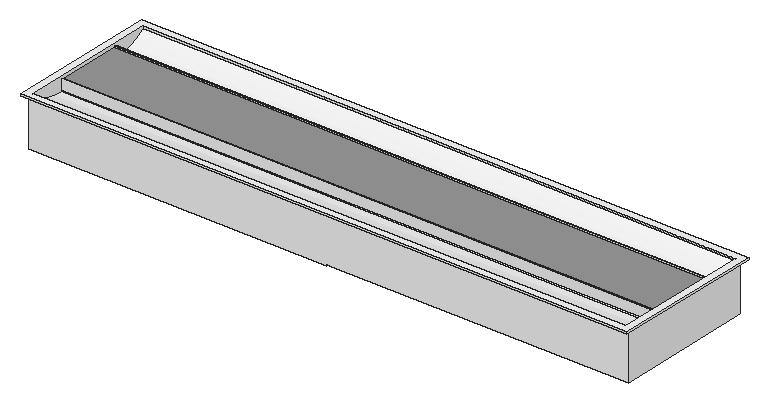
Revit family "2069266 Feilo Sylvania Lighting Fixture OFFICELYTE 1200 HE 4K DALI", category Lighting Fixtures, host Face, Revit 2017
Family settings
  Host = Face
  Round Connector Dimension = Use Diameter
  Part Type = Normal
  OmniClass Number = 23.80.70.11.17
  OmniClass Title = Specialized Lighting by Location or Use
  Cut with Voids When Loaded = No
  Light Source = Yes
  Shared = No
  Room Calculation Point = No
Parameters (values of type "2069266 OFFICELYTE 1200 HE 4K DALI")
  Width = 297.0 mm
  Weight = 5.90 kg
  Wattage = 24 W
  built-in parameter 1150110 = 1 (stored number, unit not read)
  Voltage Comments = "UNV (Universal Voltage; 230-240 Volt)"  # constant formula
  Voltage = 230 V  # constant formula
  URL = "http://www.sylvania-lighting.com"
  built-in parameter 1114217 = 1 (stored number, unit not read)
  Tilt Angle = 90.00°
  built-in parameter 1150109 = 1 (stored number, unit not read)
  built-in parameter 1150134 = 12
  built-in parameter 1150113 = 1 (stored number, unit not read)
  Product Page URL = "http://www.sylvania-lighting.com/product/en-int/products/2069266"
  Product Family = "OFFICELYTE LP LED"  # constant formula
  Photometry Comments = ""
  Photometric Web File = "2069266.ies"
  Life = "50 000 h"  # constant formula
  Length = 1197.0 mm
  LOR = "100 %"
  Keynote = "16500"
  IP Rating = "IP40"  # constant formula
  IK Rating = "IK02"  # constant formula
  Glow Wire Test = 650 °C  # constant formula
  Glare Control = "UGR <19"  # constant formula
  Electrical Protection = "CLASS I"  # constant formula
  Diffuser Material = Acrylic_Sylvania_Officelyte LP LED_Satin_4000K
  Height = 95.0 mm
  built-in parameter 1114216 [instance] = 1 (stored number, unit not read)
  Model = "OFFICELYTE 1200 HE 4K DALI"
  Manufacturer = "Havells-Sylvania Group"  # constant formula
  built-in parameter 1150105 = 1885.7 (stored number, unit not read)
  Lumens = 3432 lm
  built-in parameter 1150115 = 1 (stored number, unit not read)
  built-in parameter 1150137 = (empty or 0)
  built-in parameter 1150139 = (empty or 0)
  built-in parameter 1150112 = 1 (stored number, unit not read)
  built-in parameter 1150114 = 1 (stored number, unit not read)
  Lamp = "LED"
  built-in parameter 1150132 = 2
  built-in parameter 1150102 = (empty or 0)
  built-in parameter 1150107 = 4000 (stored number, unit not read)
  built-in parameter 1150138 = (empty or 0)
  built-in parameter 1150106 = 18.857 (stored number, unit not read)
  Reflector Material = Steel_Sylvania_Officelyte LP LED_White_RAL 9016
  Emit from Rectangle Width = 564.0 mm
  Emit from Rectangle Length = 564.0 mm
  Emit Shape Visible in Rendering = no
  built-in parameter 1150104 = 13.285 (stored number, unit not read)
  Dimming Lamp Color Temperature Shift = <None>
  CRI ( Ra ) = 85
  Body Material = Steel_Sylvania_Officelyte LP LED_White_RAL 9016
  Description = "The Concord OFFICELYTE LP LED HO 4K 600 is a high efficient luminaire for Office, education, meeting rooms. With efficacy of 95lm/W, at 4549lm, CRI of 85 and a very low glare ratio according to EN12464."  # constant formula
  Default Elevation = 0.0 mm
  Color Filter = 16777215
  Catalog Number = "2064456 OFFICELYTE LP LED HE 4K 600"
  built-in parameter 1140040 [instance] = 1
  built-in parameter 1114218 = 1 (stored number, unit not read)
  built-in parameter 1150133 = 10 (stored number, unit not read)
  Assembly Code = "D5020200"
  Apparent Load Comments = ""
  Apparent Load = 24 VA
Reference planes
  plane 1 "Center (Front/Back)": x = 0.711
  plane 2: z = 0
  plane 3 "Center (Left/Right)": y = -70.403
  plane 4 "Fixture Bottom": z = 3
  plane 5 "Fixture Right": y = 78.097
  plane 6 "Profile Right": y = 64.597
  plane 7 "Profile Left": y = -205.403
  plane 8 "Fixture Left": y = -218.903
  plane 9 "Profile Back": x = -578.136
  plane 10 "Fixture Back": x = -591.636
  plane 11 "Fixture Front": x = 599.211
  plane 12: z = -25
  plane 13 "Box Right": y = 66.597
  plane 14 "Box Left": y = -207.403
  plane 15 "Box Back": x = -584.886
  plane 16 "Box Front": x = 587.711
  plane 17: y = -3.903
  plane 18: y = -136.903
  plane 19 "Difuser Right": y = -6.903
  plane 20 "Difuser Left": y = -133.903
  plane 21: z = -2
  plane 22: z = -4
  plane 23 "Profile Front": x = 585.711
  plane 24 "Fixture Top": z = -95
  plane 25 "Box Thickness": z = -93
  plane 26: z = -20
  plane 27: x = -597.789
  plane 28: x = 599.211
Forms (mm)
  Extrusion 1, void
    sketch origin (0, 0, 59) x (-1, 0, 0) y (0, -1, 0)
      loop
        line (-587.711, -66.597) -> (584.886, -66.597) -> (584.886, 207.403) -> (-587.711, 207.403) -> (-587.711, -66.597)
    from -152 to -56
  Extrusion 2, solid, material "Steel_Sylvania_Officelyte LP LED_White_RAL 9016" <- "Reflector Material", detail levels fine
    sketch origin (-294.136, -50.403, 59) x (0, -1, 0) y (1, 0, 0)
      loop
        line (-128.5, -297.5) -> (168.5, -297.5) -> (168.5, 893.347) -> (-128.5, 893.347) -> (-128.5, -297.5)
      loop
        line (155, -284) -> (155, 879.847) -> (-115, 879.847) -> (-115, -284) -> (155, -284)
    from -59 to -56
  Extrusion 3, solid, material "Steel_Sylvania_Officelyte LP LED_White_RAL 9016" <- "Reflector Material", detail levels fine
    sketch origin (0.711, -70.403, 0) x (0, 1, 0) y (0, 0, 1)
      loop
        arc (-65.868, -23.244) -> (-102.251, -17.422) -> (-135, -0.537) r 116.591
        line (-135, -0.537) -> (-135, -2.581)
        arc (-135, -2.581) -> (-102.244, -19.433) -> (-65.868, -25.244) r 116.772
        line (-65.868, -25.244) -> (65.87, -25.244)
        arc (65.87, -25.244) -> (102.245, -19.434) -> (135, -2.581) r 116.769
        line (135, -2.581) -> (135, -0.538)
        arc (135, -0.538) -> (102.252, -17.422) -> (65.87, -23.244) r 116.587
        line (65.87, -23.244) -> (-65.868, -23.244)
    from -578.847 to 585
  Extrusion 4, solid, material "Steel_Sylvania_Officelyte LP LED_White_RAL 9016" <- "Reflector Material", detail levels fine
    sketch origin (-294.136, -70.403, 59) x (0, -1, 0) y (1, 0, 0)
      loop
        line (135, -284) -> (135, 879.847) -> (-135, 879.847) -> (-135, -284) -> (135, -284)
      loop
        line (137, -290.75) -> (137, 886.648) -> (-137, 886.648) -> (-137, -290.75) -> (137, -290.75)
    from -152 to -59
  Extrusion 5, solid, material "Steel_Sylvania_Officelyte LP LED_White_RAL 9016" <- "Reflector Material", detail levels fine
    sketch origin (0, 0, 59) x (-1, 0, 0) y (0, -1, 0)
      loop
        line (578.136, 133.903) -> (578.136, 136.903) -> (-585.711, 136.903) -> (-585.711, 133.903) -> (578.136, 133.903)
      loop
        line (-585.711, 6.903) -> (-585.711, 3.903) -> (578.136, 3.903) -> (578.136, 6.903) -> (-585.711, 6.903)
    from -79 to -59
  Extrusion 6, solid, material "Acrylic_Sylvania_Officelyte LP LED_Satin_4000K" <- "Diffuser Material", detail levels fine
    sketch origin (0, 0, -581) x (-1, 0, 0) y (0, -1, 0)
      loop
        line (578.136, 133.903) -> (-585.711, 133.903) -> (-585.711, 6.903) -> (578.136, 6.903) -> (578.136, 133.903)
    from 577 to 579
  Extrusion 7, solid, material "Steel_Sylvania_Officelyte LP LED_White_RAL 9016" <- "Body Material", detail levels coarse+medium
    sketch origin (-294.136, -70.403, 59) x (0, -1, 0) y (1, 0, 0)
      loop
        line (148.5, -297.5) -> (148.5, 893.347) -> (-148.5, 893.347) -> (-148.5, -297.5) -> (148.5, -297.5)
    from -59 to -56
  Extrusion 8, solid, material "Steel_Sylvania_Officelyte LP LED_White_RAL 9016" <- "Body Material", detail levels coarse+medium
    sketch origin (0, 0, -501) x (-1, 0, 0) y (0, -1, 0)
      loop
        line (584.886, -66.597) -> (584.886, 207.403) -> (-587.711, 207.403) -> (-587.711, -66.597) -> (584.886, -66.597)
    from 406 to 501
  Extrusion 9, solid, material "Steel_Sylvania_Officelyte LP LED_White_RAL 9016" <- "Reflector Material", detail levels fine
    sketch origin (-294.136, -70.403, 59) x (0, -1, 0) y (1, 0, 0)
      loop
        line (-137, -290.75) -> (137, -290.75) -> (137, 294.847) -> (-137, 294.847) -> (-137, -290.75)
    from -154 to -152
Cuts and joins
  joined: Extrusion 2, Extrusion 4, Extrusion 9
  joined: Extrusion 3, Extrusion 5
Lines and regions (mm)
  symbolic lines
    curve 1: line (-591.636, -218.903, 59) -> (-591.636, 78.097, 59)
    curve 2: line (599.211, -218.903, 59) -> (-591.636, -218.903, 59)
    curve 3: line (599.211, 78.097, 59) -> (599.211, -218.903, 59)
    curve 4: line (-591.636, 78.097, 59) -> (599.211, 78.097, 59)
Dimensions and locks
  "Height": host face to plane 24 "Fixture Top"
  locked: plane 25 "Box Thickness" to plane 24 "Fixture Top" at 2
  plane 18 to plane 20 "Difuser Left" = 3.0 mm
  plane 19 "Difuser Right" to plane 17 = 3.0 mm
  plane 8 "Fixture Left" to plane 14 "Box Left" to plane 7 "Profile Left" = 11.5 mm, 2.0 mm
  plane 10 "Fixture Back" to plane 15 "Box Back" to plane 9 "Profile Back" = 6.75 mm, 6.75 mm
  plane 6 "Profile Right" to plane 13 "Box Right" to plane 5 "Fixture Right" = 2.0 mm, 11.5 mm
  plane 23 "Profile Front" to plane 16 "Box Front" to plane 11 "Fixture Front" = 2.0 mm, 11.5 mm
  plane 4 "Fixture Bottom" to plane 2 to plane 21 to plane 22 to plane 12 = 3.0 mm locked, 2.0 mm locked, 2.0 mm locked, 21.0 mm locked
  equal spacing: plane 8 "Fixture Left", plane 3 "Center (Left/Right)", plane 5 "Fixture Right", locked at 148.5 each
  "Width": plane 8 "Fixture Left" to plane 5 "Fixture Right"
  equal spacing: plane 27, plane 1 "Center (Front/Back)", plane 28, locked at 598.5 each
  "Length": plane 27 to plane 28
  aligned and locked: plane 2 to host face
  aligned and locked: level to host face
  aligned and locked: Extrusion 2 to plane 10 "Fixture Back"
  aligned and locked: Extrusion 2 to plane 8 "Fixture Left"
  aligned and locked: plane 7 "Profile Left" to Extrusion 2
  aligned and locked: plane 5 "Fixture Right" to Extrusion 2
  aligned and locked: Extrusion 2 to plane 6 "Profile Right"
  aligned and locked: plane 4 "Fixture Bottom" to Extrusion 2
  aligned and locked: plane 21 to Extrusion 6
  aligned and locked: Extrusion 6 to plane 22
  aligned and locked: Extrusion 7 sketch curve to plane 10 "Fixture Back"
  aligned and locked: plane 5 "Fixture Right" to Extrusion 7 sketch curve
  aligned and locked: Extrusion 8 to plane 24 "Fixture Top"
  aligned and locked: level to Extrusion 8
  aligned and locked: Extrusion 4 sketch curve to plane 9 "Profile Back"
  aligned and locked: Extrusion 4 to Extrusion 1
  aligned and locked: Extrusion 1 to imposter light
  aligned and locked: Extrusion 9 to plane 24 "Fixture Top"
  aligned and locked: plane 25 "Box Thickness" to Extrusion 9
  aligned and locked: cut or joined group of Extrusion 2, Extrusion 4, Extrusion 9 to plane 25 "Box Thickness"
  aligned and locked: Extrusion 4 sketch curve to plane 13 "Box Right"
  aligned and locked: plane 15 "Box Back" to Extrusion 4 sketch curve
  aligned and locked: Extrusion 4 sketch curve to plane 14 "Box Left"
  aligned and locked: plane 13 "Box Right" to Extrusion 9 sketch curve
  aligned and locked: Extrusion 9 sketch curve to plane 15 "Box Back"
  aligned and locked: Extrusion 9 sketch curve to plane 14 "Box Left"
  aligned and locked: cut or joined group of Extrusion 3, Extrusion 5 to plane 7 "Profile Left"
  aligned and locked: cut or joined group of Extrusion 3, Extrusion 5 to plane 6 "Profile Right"
  aligned and locked: cut or joined group of Extrusion 3, Extrusion 5 to plane 9 "Profile Back"
  aligned and locked: cut or joined group of Extrusion 3, Extrusion 5 to plane 23 "Profile Front"
  aligned and locked: Extrusion 1 sketch curve to Extrusion 8  (x4)
  aligned and locked: cut or joined group of Extrusion 3, Extrusion 5 to plane 26
  aligned and locked: plane 4 "Fixture Bottom" to imposter light
Automatic sketch dimensions
  host sketch curve to host sketch curve = 1305.563 mm
  host sketch curve to host sketch curve = 1414.187 mm
  plane 5 "Fixture Right" to Extrusion 2 sketch curve = 0.0 mm
  plane 6 "Profile Right" to Extrusion 2 sketch curve = 0.0 mm
  plane 7 "Profile Left" to Extrusion 2 sketch curve = 0.0 mm
  plane 8 "Fixture Left" to Extrusion 2 sketch curve = 0.0 mm
  Extrusion 2 sketch curve to plane 10 "Fixture Back" = 0.0 mm
  Extrusion 2 sketch curve to plane 9 "Profile Back" = 0.0 mm
  Extrusion 2 sketch curve to plane 23 "Profile Front" = 0.0 mm
  Extrusion 2 sketch curve to plane 11 "Fixture Front" = 0.0 mm
  Extrusion 3 sketch curve to plane 7 "Profile Left" = 0.0 mm
  Extrusion 3 sketch curve to plane 6 "Profile Right" = 0.0 mm
  plane 18 to Extrusion 3 sketch curve = 0.632 mm  (x2)
  Extrusion 3 sketch curve to plane 12 = 0.244 mm
  Extrusion 3 sketch curve to plane 17 = 0.63 mm
  Extrusion 3 sketch curve to Extrusion 3 sketch curve = 0.0 mm
  plane 12 to Extrusion 3 sketch curve = 1.756 mm
  Extrusion 3 sketch curve to level = 2.581 mm  (x2)
  Extrusion 3 sketch curve to level = 0.538 mm
  Extrusion 3 sketch curve to level = 0.537 mm
  plane 6 "Profile Right" to Extrusion 4 sketch curve = 0.0 mm
  plane 7 "Profile Left" to Extrusion 4 sketch curve = 0.0 mm
  plane 23 "Profile Front" to Extrusion 4 sketch curve = 0.0 mm
  Extrusion 5 sketch curve to plane 19 "Difuser Right" = 0.0 mm
  Extrusion 5 sketch curve to plane 23 "Profile Front" = 0.0 mm  (x2)
  Extrusion 5 sketch curve to plane 20 "Difuser Left" = 0.0 mm
  Extrusion 5 sketch curve to plane 9 "Profile Back" = 0.0 mm  (x2)
  Extrusion 5 sketch curve to plane 17 = 0.0 mm
  Extrusion 5 sketch curve to plane 18 = 0.0 mm
  Extrusion 6 sketch curve to plane 20 "Difuser Left" = 0.0 mm
  Extrusion 6 sketch curve to plane 23 "Profile Front" = 0.0 mm
  Extrusion 6 sketch curve to plane 9 "Profile Back" = 0.0 mm
  Extrusion 6 sketch curve to plane 19 "Difuser Right" = 0.0 mm
  plane 8 "Fixture Left" to Extrusion 7 sketch curve = 0.0 mm
  Extrusion 7 sketch curve to plane 11 "Fixture Front" = 0.0 mm
  Extrusion 8 sketch curve to plane 13 "Box Right" = 0.0 mm
  Extrusion 8 sketch curve to plane 16 "Box Front" = 0.0 mm
  Extrusion 8 sketch curve to plane 14 "Box Left" = 0.0 mm
  Extrusion 8 sketch curve to plane 15 "Box Back" = 0.0 mm
  Extrusion 4 sketch curve to Extrusion 4 sketch curve = 6.801 mm
  Extrusion 9 sketch curve to plane 1 "Center (Front/Back)" = 0.0 mm
  plane 8 "Fixture Left" to curve 3 = 0.0 mm
  curve 3 to plane 11 "Fixture Front" = 0.0 mm
  curve 2 to plane 10 "Fixture Back" = 0.0 mm
  plane 5 "Fixture Right" to curve 1 = 0.0 mm
